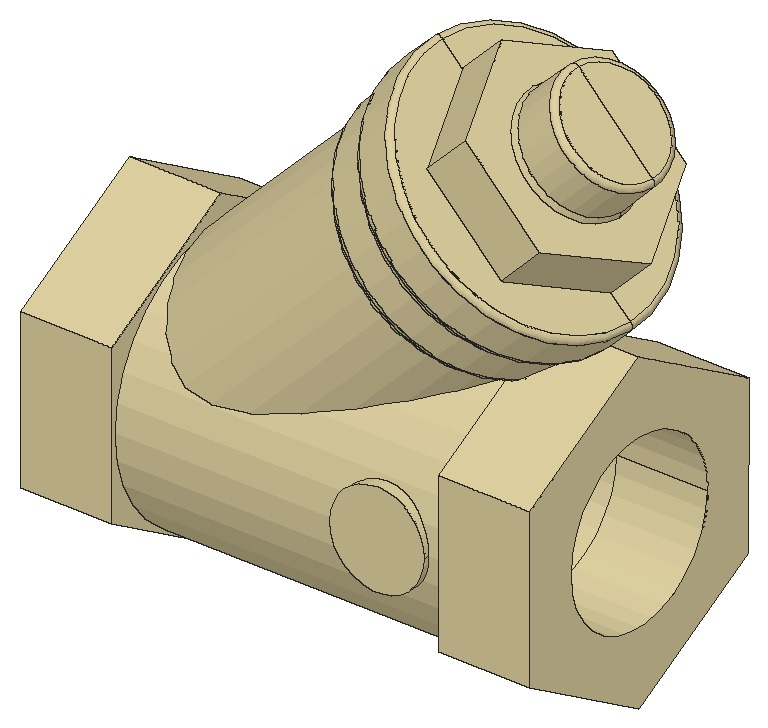
Revit family "DA02440000", category Apparecchi idraulici, Revit 2020
Family settings
  Quota connettore circolare = Usa diametro
  Tipo di parte = Normale
  Numero OmniClass = 23.45.00.00
  Titolo OmniClass = Sanitary, Laundry, and Cleaning Equipment
  Basato su piano di lavoro = No
  Sempre verticale = Sì
  Taglio con vuoti quando caricato = No
  Condiviso = No
  Punto di calcolo locali = No
Parameters
  URL = "https://web.cimberio.it/index.php/figura/1603?subcategoria_id=32"
  Temperatura di esercizio = "-10 ÷ 180°C"
  Prospetto di default = 0 mm
  Produttore = "CIMBERIO SPA"
  Pressione nominale = "PN 20"
  Modello = "Cim 74ACRNL"
  Materiale = "Prodotto in lega di ottone “CR” – “DZR\" conforme alla norma EN 12165-CW511L-M nelle misure fino a 1\"1/2 e alla norma EN 1982-CB770S Pb 0,2% max nelle misure da 2\" a 4\""
  Descrizione = "Utilizzato per la filtrazione degli impianti di riscaldamento, idrici, igienico-sanitari, aria compressa, olii, benzine, vapore saturo e in generale con ogni fluido non corrosivo"
  DN Model [instance] = DA02441032 : DA02441032
  DN [instance] = 32 mm
  Commenti sul tipo = "Realizzato in ottemperanza ai requisiti gestionali della norma EN ISO 9001.\r\nCollaudato al 100% secondo la normativa EN 12266-1"
Reference planes
  plane 1 "Centro (Fronte/Retro)": y = 0
  plane 2: z = 0
  plane 3 "Centro (Sinistra/Destra)": x = 0
Dimensions and locks
  aligned and locked: level to plane 2
Nested families
  nested 1: "DA02441032" at (0, 0, 0), type <- "DN Model", type "DA02441032"
  nested 2: "DA02441032" at (0, 0, 0), type <- "DN Model", type "DA02441032"
  nested 3: "DA02441032" at (0, 0, 0), type <- "DN Model", type "DA02441032"
  nested 4: "DA02441032" at (0, 0, 0), type <- "DN Model", type "DA02441032"
  nested 5: "DA02441032" at (0, 0, 0), type <- "DN Model", type "DA02441032"
  nested 6: "DA02441032" at (0, 0, 0), type <- "DN Model", type "DA02441032"
  nested 7: "DA02441032" at (0, 0, 0), type <- "DN Model", type "DA02441032"
  nested 8: "DA02441032" at (0, 0, 0), type <- "DN Model", type "DA02441032"
  nested 9: "DA02441032" at (0, 0, 0), type <- "DN Model", type "DA02441032"
  nested 10: "DA02441032" at (0, 0, 0), type <- "DN Model", type "DA02441032"
Connectors
  piping at (46, 0, 0), diameter 32, driven by "DN"
    settings: on nested 1, index 1, connector inside diameter 609.6 mm, connector length 0 mm, flow factor 0, pipe flow 0.0 L/s, pressure drop 0.0 Pa, fitting loss kfactor 0, connector angle 0.00°, fixture units 0, engagement length 0 mm, angle of deflection 0.00°, flow configuration 0, flow direction 0, fitting loss method 0, system type 7, joint type 0, gender type 0, connector reference index -1, connector utility 0, adjustable connector no, is connector primary yes, connector description ""
  piping at (-46, 0, 0), diameter 32, driven by "DN"
    settings: on nested 1, index 2, connector inside diameter 609.6 mm, connector length 0 mm, flow factor 0, pipe flow 0.0 L/s, pressure drop 0.0 Pa, fitting loss kfactor 0, connector angle 0.00°, fixture units 0, engagement length 0 mm, angle of deflection 0.00°, flow configuration 0, flow direction 0, fitting loss method 0, system type 7, joint type 0, gender type 0, connector reference index -1, connector utility 0, adjustable connector no, is connector primary no, connector description ""
Definition of nested family "DA02441032"
  Parameters (values of type "DA02441032")
    Default Elevation = 0 mm
  Reference planes
    plane 1 "Centro (Fronte/Retro)": y = 0
    plane 2: z = 0
    plane 3 "Centro (Sinistra/Destra)": x = 0
    plane 4: through (16.911, -1524, 39.911) normal (0.7071, 0, -0.7071)
  Forms (mm)
    Revolve 1, solid
      sketch origin (0, 0, 0) x (1, 0, 0) y (0, 0, 1)
        loop
          line (32, -23.977) -> (32, -16) -> (-32, -16) -> (-32, -23.977) -> (32, -23.977)
        axis (-32, 0) -> (32, 0)
      angle from 0 to 360
    Extrusion 2, solid
      sketch origin (0, 0, 0) x (0, 1, 0) y (0, 0, 1)
        loop
          circle (0, 0) r 15.5
        loop
          line (0, 28.5) -> (-24.682, 14.25) -> (-24.682, -14.25) -> (0, -28.5) -> (24.682, -14.25) -> (24.682, 14.25) -> (0, 28.5)
      from -46 to -29.562
    Revolve 3, solid
      sketch origin (0, 0, 0) x (1, 0, 0) y (0, 0, 1)
        loop
          line (16.551, 61.471) -> (10.544, 67.478)
          arc (10.544, 67.478) -> (9.835, 67.774) -> (9.125, 67.48) r 1
          line (9.125, 67.48) -> (4.469, 62.824)
          arc (4.469, 62.824) -> (4.252, 62.5) -> (4.176, 62.117) r 1
          line (4.176, 62.117) -> (4.176, 61.032)
          arc (4.176, 61.032) -> (4.062, 60.458) -> (3.737, 59.971) r 1.5
          line (3.737, 59.971) -> (-0.835, 55.399)
          arc (-0.835, 55.399) -> (-1.051, 55.075) -> (-1.127, 54.693) r 1
          line (-1.127, 54.693) -> (-1.127, 53.607)
          arc (-1.127, 53.607) -> (-1.241, 53.033) -> (-1.566, 52.546) r 1.5
          line (-1.566, 52.546) -> (-36.455, 17.658) -> (-31.859, 13.061) -> (16.551, 61.471)
        axis (27.511, 50.511) -> (-20.899, 2.101)
      angle from 0 to 360
    Extrusion 4, solid
      sketch origin (25.926, 0, 42.926) x (0, 1, 0) y (-0.707107, 0, 0.707107)
        loop
          line (0, -14.79) -> (16.454, -5.29) -> (16.454, 13.71) -> (0, 23.21) -> (-16.454, 13.71) -> (-16.454, -5.29) -> (0, -14.79)
      from 6.41 to 16.493
    Revolve 5, solid
      sketch origin (-1.214, 0, -1.214) x (1, 0, 0) y (0, 0, 1)
        loop
          line (42.973, 65.973) -> (36.255, 72.691)
          arc (36.255, 72.691) -> (35.561, 72.978) -> (34.866, 72.691) r 0.983
          line (34.866, 72.691) -> (29.073, 67.121)
          arc (29.073, 67.121) -> (28.517, 66.869) -> (27.942, 66.664) r 7.394
          line (27.942, 66.664) -> (35.803, 58.803) -> (42.973, 65.973)
        axis (42.973, 65.973) -> (35.803, 58.803)
      angle from 0 to 360
    Extrusion 6, solid
      sketch origin (0, 0, 0) x (0, 1, 0) y (0, 0, -1)
        loop
          circle (0, 0) r 15.5
        loop
          line (0, -28.5) -> (24.682, -14.25) -> (24.682, 14.25) -> (0, 28.5) -> (-24.682, 14.25) -> (-24.682, -14.25) -> (0, -28.5)
      from -46 to -29.562
    Extrusion 7, solid
      sketch origin (0, 0, 0) x (1, 0, 0) y (0, 0, 1)
        loop
          circle (18.5, 0) r 8.547
      from -24.682 to 24.682
  Lines and regions (mm)
    model lines
      curve 1: line (34.407, 0, 22.415) -> (5.415, 0, 51.407)
  Dimensions and locks
    aligned and locked: level to plane 2
